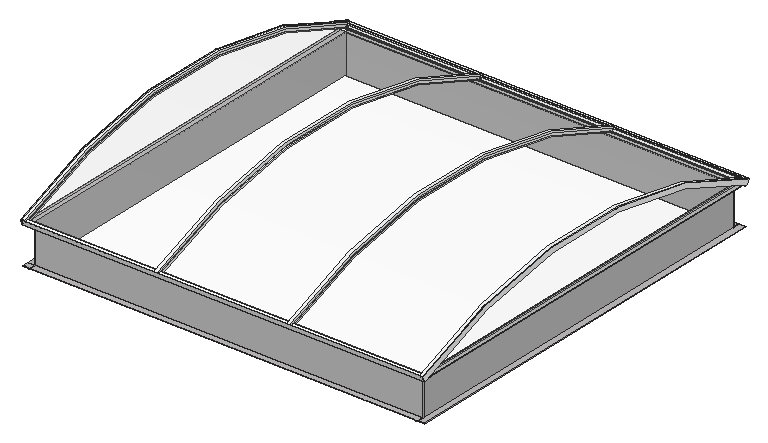
Revit family "Aluco Skylight Therm (en)", category Generic Models, Revit 2020
Family settings
  Can host rebar = No
  Round Connector Dimension = Use Diameter
  Part Type = Normal
  OmniClass Number = 23.30.30.00
  OmniClass Title = Skylights
  Work Plane-Based = Yes
  Always vertical = No
  Cut with Voids When Loaded = No
  Shared = No
  Room Calculation Point = No
Parameters
  ►Visibility of the right end [instance] = if(Longitudinal roof slope > 0.00°, 1 > 2, 1 < 2)  # yes
  ►Auxiliary height - thickness [instance] = if([Filling thickness (variant)] < 3, 24.2 mm, if([Filling thickness (variant)] < 5, 29 mm, if([Filling thickness (variant)] < 7, 33 mm, if([Filling thickness (variant)] < 9, 38 mm, if([Filling thickness (variant)] < 11, 33 mm, if([Filling thickness (variant)] < 13, 39 mm, 45 mm))))))  # 33 mm
  ►Auxiliary height [instance] = Bending radius - 0.5 * sqrt((4 * ((Bending radius) ^ 2)) - ((Skylight span) ^ 2))  # 361.927 mm
  ►Auxiliary dimension [instance] = if(Longitudinal roof slope > 0.00°, 400 mm, if(Transversal roof slope > 0.00°, 0 mm, 180 mm))  # 180 mm
  ►Auxiliary Offset 3 [instance] = if(Longitudinal roof slope > 0.00°, Opening length, Opening length + 1000 mm)  # 4000 mm
  ►Auxiliary Offset 2 [instance] = ►Auxiliary Offset 1 + [Opening narrowing (Length)]  # 3000 mm
  ►Auxiliary Offset 1 [instance] = if(Longitudinal roof slope > 0.00°, 6000 mm, Opening length)  # 3000 mm
  ► Roof slope - calculations [instance] = if(Longitudinal roof slope = 0.00°, 0.00°, if(Longitudinal roof slope - Opposite roof slope < 0.00°, Longitudinal roof slope + (((Longitudinal roof slope - Opposite roof slope) * (-1)) / 2), if(Longitudinal roof slope - Opposite roof slope = 0.00°, Longitudinal roof slope, Longitudinal roof slope - ((Longitudinal roof slope - Opposite roof slope) / 2))))  # 0.00°
  ► Right end - visibility [instance] = if(and(Longitudinal roof slope = 0.00°, Right ending), 1 < 2, 1 > 2)  # yes
  Transversal roof slope [instance] = 0.00°
  Right opening narrowing (length) [instance] = if(Longitudinal roof slope > 0.00°, 100 mm, [Opening narrowing (Length)])  # 0 mm
  Skylight span [instance] = if(Opening span - 2 * [Opening narrowing (span)] + 2 * Space for thermal insulation < 1500 mm, 1500 mm, if(Opening span - 2 * [Opening narrowing (span)] + 2 * Space for thermal insulation > 6200 mm, 6200 mm, Opening span - 2 * [Opening narrowing (span)] + 2 * Space for thermal insulation))  # 3100 mm
  Profile material = Aluco - aluminum
  Product URL = "https://aluco.com.pl/oferta/swietliki-dachowe/swietliki-lukowe-aluco-skylight-sl/"
  Panel thickness [instance] = if([Filling thickness (variant)] < 3, 10 mm, if([Filling thickness (variant)] < 5, 16 mm, if([Filling thickness (variant)] < 7, 20 mm, if([Filling thickness (variant)] < 9, 25 mm, if([Filling thickness (variant)] < 11, 20 mm, if([Filling thickness (variant)] < 13, 26 mm, 32 mm))))))  # 20 mm
  Panel material = Aluco - polycarbonate
  Opening length [instance] = 3000 mm
  Opening narrowing (span) [instance] = 0 mm
  Opening narrowing (Length) [instance] = 0 mm
  Right ending [instance] = yes
  Left ending [instance] = yes
  URL = "https://aluco.com.pl/"
  Space for thermal insulation [instance] = if([Space for thermal insulation (variant)] < 2, 50 mm, if([Space for thermal insulation (variant)] < 3, 80 mm, if([Space for thermal insulation (variant)] < 4, 100 mm, if([Space for thermal insulation (variant)] < 5, 150 mm, 200 mm))))  # 50 mm
  Skylight length [instance] = Opening length - 2 * [Opening narrowing (Length)] + 2 * Space for thermal insulation  # 3100 mm
  Split spacing [instance] = (Skylight length - 28 mm) / (Number of skylight divisions + 1)  # 1024 mm
  Span [instance] = "od 1500 mm do 6200 mm"  # constant formula
  Space for thermal insulation (variant) [instance] = 0
  Heat transfer coefficient [instance] = "For verification after contact with the Manufacturer"  # constant formula
  Bending radius' [instance] = Bending radius - 5 mm  # 3495 mm
  Bending radius" [instance] = Bending radius + Panel thickness + 15 mm  # 3535 mm
  Opening span [instance] = 3000 mm
  Fall protection safety grids [instance] = yes
  Bending radius [instance] = 175 * Panel thickness  # 3500 mm
  Manufacturer = "ALUCO SYSTEM SP. Z O.O"  # constant formula
  Description = "Continuous skylights made in accordance with the requirements of PN-EN14963: 2006, with CE marking"  # constant formula
  Breaking load resistance = "UL 2500"  # constant formula
  Compressive load resistance = "DL 2500"  # constant formula
  Type Image = ALUCO SKYLIGHT SL.png
  Opposite roof slope [instance] = 0.00°
  Longitudinal roof slope [instance] = 0.00°
  Model = "Skylight Therm"  # constant formula
  Type Comments = "Barrel vault continuous skylights"
  Safety classification against drop from height = "SB 1200"  # constant formula
  Fire protection class = "BRoof (t1)"  # constant formula
  Catalog card [instance] = "https://aluco.com.pl/download/AlucoSkylight.pdf"
  Number of arch profiles [instance] = if(0 = 0, Number of skylight divisions + 2, Number of skylight divisions + 2)  # 4
  Number of skylight divisions [instance] = roundup((Skylight length - 28 mm) / 1050 mm) - 1  # 2
  IfcExportAs = "\"IfcWindowType\""
  Filling thickness (variant) [instance] = 6
  Base panel thickness (variant) [instance] = 1
  Default Elevation = 0 mm  # constant formula
  Base panel thickness [instance] = if([Base panel thickness (variant)] < 2, 1.5 mm, 2 mm)  # 1.5 mm
  Base material = Aluco - galvanized steel
  Base height [instance] = 300 mm
Reference planes
  plane 1 "Środek (Przód/Tył)": y = 0
  plane 2: z = 0
  plane 3 "Środek (Lewa/Prawa)": x = 0
  plane 4: x = 3000
  plane 5: y = -1500
  plane 6: y = 1500
  plane 7: x = -50
  plane 8: y = -1550
  plane 9: y = 1550
  plane 10: x = 3050
  plane 11: x = 1500
  plane 12: z = 300
  plane 13: z = -800.014
  plane 14: y = -1500
  plane 15: y = 1500
  plane 16: x = 3000
  plane 17: z = 0
  plane 18: z = 298.5
  plane 19: z = 1.5
  plane 20: x = 0
  plane 21: z = 661.927
  plane 22: z = 300
  plane 23: z = 694.927
  plane 24 "Odsunięcie 2": x = 3000
  plane 25 "Odsunięcie 1": x = 3000
  plane 26: x = 3660
  plane 27: x = 4000
  plane 28 "Odsunięcie 4": x = 3000
  plane 29 "Odsunięcie 5": x = 3050
Forms (mm)
  Extrusion 1, solid, material "Aluco - polycarbonate" <- "Panel material", visible <- "Left ending", detail levels medium+fine
    sketch origin (-50, 2000, 1200) x (0, 1, 0) y (0, 0, 1)
      loop
        line (-3550, -900) -> (-450, -900)
        arc (-450, -900) -> (-2000, -538.073) -> (-3550, -900) r 3500
    from 0 to 20
  Sweep 2, solid, material "Aluco - aluminum" <- "Profile material", detail levels fine
    path in 3D
      loop
        line (-50, 1558.857, 317.932) -> (3050, 1558.857, 317.932)
    profile "Straight profile : Straight profile" origin (1500, 1558.857, 317.932) x (0, -0.442857, -0.896592) y (0, 0.896592, -0.442857)
      loop
        line (26.358, 0) -> (33.614, 0) -> (33.614, 4.683) -> (-16.625, 4.683) -> (-16.625, 3.483) -> (-6, 3.483) -> (-6, -20) -> (0, -20) -> (0, 0) -> (20, 0) -> (20, -31.791) -> (26.358, -31.791) -> (26.358, 0)
  Sweep 3, solid, material "Aluco - polycarbonate" <- "Panel material", detail levels medium+fine
    path in 3D
      loop
        arc (3050, -1550, 300) -> (3050, 0, 661.927) -> (3050, 1550, 300) r 3500
    profile origin (3050, 0, 661.927) x (0, 0, 1) y (1, 0, 0)
      loop
        line (0, 0) -> (0, -3100) -> (20, -3100) -> (20, 0) -> (0, 0)
  Sweep 4, solid, material "Aluco - aluminum" <- "Profile material", detail levels fine
    path in 3D
      loop
        line (3050, -1558.857, 317.932) -> (-50, -1558.857, 317.932)
    profile "Straight profile : Straight profile" origin (1500, -1558.857, 317.932) x (0, 0.442857, -0.896592) y (0, -0.896592, -0.442857)
      loop
        line (26.358, 0) -> (33.614, 0) -> (33.614, 4.683) -> (-16.625, 4.683) -> (-16.625, 3.483) -> (-6, 3.483) -> (-6, -20) -> (0, -20) -> (0, 0) -> (20, 0) -> (20, -31.791) -> (26.358, -31.791) -> (26.358, 0)
  Sweep 5, solid, material "Aluco - galvanized steel" <- "Base material", detail levels medium+fine
    path in 3D
      loop
        line (3000, 1550, 0) -> (-50, 1550, 0)
    profile "Base : Front/Back" origin (1475, 1550, 0) x (0, -1, 0) y (0, 0, 1)
      loop
        line (51.5, 0) -> (51.5, 300) -> (0, 300) -> (0, 298.5) -> (50, 298.5) -> (50, 1.5) -> (0, 1.5) -> (0, 0) -> (12, 0) -> (51.5, 0)
  Sweep 6, solid, material "Aluco - galvanized steel" <- "Base material", detail levels medium+fine
    path in 3D
      loop
        line (-50, -1550, 0) -> (3000, -1550, 0)
    profile "Base : Front/Back" origin (1475, -1550, 0) x (0, 1, 0) y (0, 0, 1)
      loop
        line (51.5, 0) -> (51.5, 300) -> (0, 300) -> (0, 298.5) -> (50, 298.5) -> (50, 1.5) -> (0, 1.5) -> (0, 0) -> (12, 0) -> (51.5, 0)
  Sweep 7, solid, material "Aluco - galvanized steel" <- "Base material", detail levels medium+fine
    path in 3D
      loop
        line (-50, 1550, 0) -> (-50, 1500, 0) -> (-50, 0, 0) -> (-50, -1500, 0) -> (-50, -1550, 0)
    profile "Base : Right/Left" origin (-50, 1525, 0) x (1, 0, 0) y (0, 0, 1)
      loop
        line (51.5, 0) -> (51.5, 300) -> (0, 300) -> (0, 298.5) -> (50, 298.5) -> (50, 1.5) -> (0, 1.5) -> (0, 0) -> (12, 0) -> (51.5, 0)
  Sweep 8, solid, material "Aluco - galvanized steel" <- "Base material", visible <- "►Visibility of the right end", detail levels medium+fine
    path in 3D
      loop
        line (3050, 1550, 0) -> (3050, 1500, 0) -> (3050, 0, 0) -> (3050, -1500, 0) -> (3050, -1550, 0)
    profile "Base : Right/Left" origin (3050, -1525, 0) x (1, 0, 0) y (0, 0, 1)
      loop
        line (-51.5, 0) -> (-12, 0) -> (0, 0) -> (0, 1.5) -> (-50, 1.5) -> (-50, 298.5) -> (0, 298.5) -> (0, 300) -> (-51.5, 300) -> (-51.5, 0)
  Extrusion 9, solid, material "Aluco - fall protection safety grids", visible <- "Fall protection safety grids", detail levels medium+fine
    sketch origin (7303.2, -1436.636, 300) x (0, -1, 0) y (1, 0, 0)
      loop
        line (-2936.636, -7303.2) -> (63.364, -7303.2) -> (63.364, -4303.2) -> (-2936.636, -4303.2) -> (-2936.636, -7303.2)
    from 0 to -5
  Extrusion 10, void
    sketch origin (0, 0, 0) x (1, 0, 0) y (0, 0, 1)
      loop
        line (3000, 298.5) -> (3000, 1.5) -> (3000, -98.5) -> (3660, -98.5) -> (3660, 300) -> (3000, 300) -> (3000, 298.5)
    from -7763.73 to 8722.83
  Extrusion 11, void
    sketch origin (3000, 0, 0) x (-1, 0, 0) y (0, 0, -1)
      loop
        line (3000, -298.5) -> (3000, -300) -> (3823.374, -300) -> (3823.374, -1.5) -> (3000, -1.5) -> (3000, -298.5)
    from -6758.137 to 7862.369
  Extrusion 12, solid, material "Aluco - polycarbonate" <- "Panel material", visible <- "► Right end - visibility", detail levels medium+fine
    sketch origin (3050, 2000, 1200) x (0, 1, 0) y (0, 0, 1)
      loop
        line (-3550, -900) -> (-450, -900)
        arc (-450, -900) -> (-2000, -538.073) -> (-3550, -900) r 3500
    from -25 to 0
  Extrusion 13, void
    sketch origin (3050, 2000, 1200) x (0, 1, 0) y (0, 0, 1)
      loop
        line (-3500, -901.5) -> (-3500, -900) -> (-7785.043, -900) -> (-7785.043, -1198.5) -> (-3500, -1198.5) -> (-3500, -901.5)
    from -7978.09 to 4431.719
  Extrusion 14, void
    sketch origin (3050, 2000, 1200) x (0, 1, 0) y (0, 0, 1)
      loop
        line (-500, -900) -> (-500, -901.5) -> (-500, -1198.5) -> (2200, -1198.5) -> (2200, -900) -> (-500, -900)
    from -11160.481 to 8052.434
  Sweep 15, void
    path in 3D
      loop
        line (3050, 1550, 0) -> (3050, 1500, 0) -> (3050, 0, 0) -> (3050, -1500, 0) -> (3050, -1550, 0)
    profile origin (3050, -1525, 0) x (1, 0, 0) y (0, 0, 1)
      loop
        line (130, 300) -> (130, 0) -> (2288.5, 0) -> (2288.5, 300) -> (130, 300)
  Sweep 16, void
    path in 3D
      loop
        line (-50, 1550, 0) -> (-50, 1500, 0) -> (-50, 0, 0) -> (-50, -1500, 0) -> (-50, -1550, 0)
    profile origin (-50, 1525, 0) x (1, 0, 0) y (0, 0, 1)
      loop
        line (-1237.782, 300) -> (-1237.782, 0) -> (-130, 0) -> (-130, 300) -> (-1237.782, 300)
  Extrusion 17, solid, material "Aluco - aluminum" <- "Profile material", visible <- "Right ending", detail levels fine
    sketch origin (3050, 0, -2838.073) x (0, 0.896592, 0.442857) y (0, -0.442857, 0.896592)
      loop
        line (-4.683, 3532.997) -> (-4.683, 3494.997)
        arc (-4.683, 3494.997) -> (1547.786, 3133.59) -> (2778.309, 2120.384) r 3495
        line (2778.309, 2120.384) -> (2808.485, 2143.478)
        arc (2808.485, 2143.478) -> (1564.614, 3167.66) -> (-4.683, 3532.997) r 3533
    from 0 to 5
  Extrusion 18, solid, material "Aluco - aluminum" <- "Profile material", detail levels fine
    sketch origin (-50, 0, -2838.073) x (0, -0.442857, 0.896592) y (0, 0.896592, 0.442857)
      loop
        arc (3532.997, -4.683) -> (3167.66, 1564.614) -> (2143.478, 2808.485) r 3533
        line (2143.478, 2808.485) -> (2120.384, 2778.309)
        arc (2120.384, 2778.309) -> (3133.59, 1547.786) -> (3494.997, -4.683) r 3495
        line (3494.997, -4.683) -> (3532.997, -4.683)
    from 0 to 5
  Extrusion 19, void
    sketch origin (0, 0, 0) x (1, 0, 0) y (0, 0, 1)
      loop
        line (3660, 694.927) -> (3660, 0) -> (4000, 0) -> (4000, 694.927) -> (3660, 694.927)
    from -7702.997 to 8662.235
  Extrusion 20, solid, detail levels coarse
    sketch origin (5150, 0, -1762.189) x (0, 0.807925, 0.589286) y (0, -0.589286, 0.807925)
      loop
        line (-15.4, 2609.189) -> (-213.85, 2337.109) -> (2290.716, 510.323) -> (2489.167, 782.403)
        arc (2489.167, 782.403) -> (1447.944, 1985.165) -> (-15.4, 2609.189) r 3533
    from -2100 to -5200
Cuts and joins
  Extrusion 11, Sweep 16, Extrusion 19 cuts Extrusion 1
  Extrusion 11, Extrusion 13, Extrusion 14 cuts Sweep 8
  Extrusion 10, Extrusion 11, Extrusion 19 cuts Sweep 6
  Extrusion 10, Extrusion 11, Extrusion 19 cuts Sweep 5
  Extrusion 19 cuts Sweep 2
  Extrusion 19 cuts Sweep 4
  Extrusion 11, Sweep 15, Extrusion 19 cuts Extrusion 9
  Extrusion 13, Extrusion 14, Extrusion 19 cuts Sweep 7
  Sweep 15 cuts Extrusion 12
  Extrusion 19 cuts Sweep 3
  Extrusion 19 cuts Extrusion 18
Lines and regions (mm)
  reference lines
    curve 1: line (-50, 1550, 0) -> (-50, -1550, 0)
    curve 2: line (-50, -1550, 0) -> (3000, -1550, 0)
    curve 3: line (3050, -1550, 0) -> (3050, 1550, 0)
    curve 4: line (3000, 1550, 0) -> (-50, 1550, 0)
    curve 5: line (0, 1500, 0) -> (3000, 1500, 0)
    curve 6: line (3000, 1500, 0) -> (3000, -1500, 0)
    curve 7: line (3000, -1500, 0) -> (0, -1500, 0)
    curve 8: line (0, -1500, 0) -> (0, 1500, 0)
    curve 9: arc (0, -1550, 300) -> (0, 0, 661.927) -> (0, 1550, 300) r 3500
    curve 10: line (-30, 50, 0) -> (-30, -50, 0)
    curve 11: line (3030, 50, 0) -> (3030, -50, 0)
    curve 12: line (0, 0, 298.5) -> (3000, 0, 298.5)
    curve 13: line (3050, -1500, 0) -> (3050, 0, 0)
    curve 14: line (3050, 1500, 0) -> (3050, 0, 0)
    curve 15: line (3050, 1550, 0) -> (3050, 1500, 0)
    curve 16: line (3050, -1500, 0) -> (3050, -1550, 0)
    curve 19: line (-50, 1550, 0) -> (-50, 1500, 0)
    curve 20: line (-50, -1400, 0) -> (-50, 0, 0)
    curve 21: line (-50, 0, 0) -> (-50, 1500, 0)
    curve 35: line (3050, 1550, 0) -> (3050, 1500, 0)
    curve 36: line (-50, -1500, 0) -> (-50, -1550, 0)
  sketch lines
    curve 17: line (3000, 1550, 0) -> (-50, 1550, 0)
    curve 18: line (-50, -1550, 0) -> (3000, -1550, 0)
    curve 22: line (-50, 1550, 0) -> (-50, 1500, 0)
    curve 23: line (-50, 0, 0) -> (-50, 1500, 0)
    curve 24: line (3050, -1500, 0) -> (3050, -1550, 0)
    curve 25: line (3050, -1500, 0) -> (3050, 0, 0)
    curve 26: line (3050, 1500, 0) -> (3050, 0, 0)
    curve 27: line (3050, 1550, 0) -> (3050, 1500, 0)
    curve 28: arc (3050, -1550, 300) -> (3050, 0, 661.927) -> (3050, 1550, 300) r 3500
    curve 29: line (3050, -1558.857, 317.932) -> (-50, -1558.857, 317.932)
    curve 30: line (-50, 1558.857, 317.932) -> (3050, 1558.857, 317.932)
    curve 31: line (3050, -1500, 0) -> (3050, -1550, 0)
    curve 32: line (3050, -1500, 0) -> (3050, 0, 0)
    curve 33: line (3050, 1500, 0) -> (3050, 0, 0)
    curve 34: line (3050, 1550, 0) -> (3050, 1500, 0)
    curve 37: line (-50, -1500, 0) -> (-50, 0, 0)
    curve 38: line (-50, -1500, 0) -> (-50, -1550, 0)
    curve 39: line (-50, 1550, 0) -> (-50, 1500, 0)
    curve 40: line (-50, 0, 0) -> (-50, 1500, 0)
    curve 41: line (-50, -1500, 0) -> (-50, 0, 0)
    curve 42: line (-50, -1500, 0) -> (-50, -1550, 0)
Dimensions and locks
  "Opening length": plane 3 "Środek (Lewa/Prawa)" to plane 4
  equal spacing: plane 3 "Środek (Lewa/Prawa)", plane 11, plane 4
  equal spacing: plane 7, plane 11, plane 10
  "Skylight length": plane 7 to plane 10
  equal spacing: plane 5, plane 1 "Środek (Przód/Tył)", plane 6
  equal spacing: plane 9, plane 1 "Środek (Przód/Tył)", plane 8
  "Opening span": plane 5 to plane 6
  "Skylight span": plane 9 to plane 8
  "Space for thermal insulation": plane 6 to curve 4
  "Space for thermal insulation": curve 1 to plane 3 "Środek (Lewa/Prawa)"
  "Space for thermal insulation": plane 4 to curve 3
  "Space for thermal insulation": plane 5 to curve 2
  "Space for thermal insulation": plane 7 to curve 8
  "Space for thermal insulation": curve 6 to plane 10
  "Space for thermal insulation": curve 7 to plane 8
  "Space for thermal insulation": curve 5 to plane 9
  "Base height": plane 12 to level
  "Panel thickness": plane 7 to curve 10
  "Panel thickness": curve 11 to plane 10
  "Base panel thickness": plane 12 to curve 12
  "Panel thickness": Sweep 3 sketch curve to Sweep 3 sketch curve
  equal spacing: group 2, group 4, group 3, group 1
  equal spacing: group 1, group 3, group 4, group 2  (x2)
  plane 2 to plane 13 = 800.014 mm
  "Space for thermal insulation": plane 14 to plane 8
  "Space for thermal insulation": plane 9 to plane 15
  "Right opening narrowing (length)": plane 4 to plane 16
  "Base panel thickness": plane 12 to plane 18
  "Base panel thickness": plane 19 to plane 17
  "Opening narrowing (Length)": plane 3 "Środek (Lewa/Prawa)" to plane 20
  Extrusion 13 to plane 19 = 298.5 mm
  "Base height": Sweep 15 sketch curve to plane 17
  locked: Sweep 15 sketch curve to plane 16 at 2338.5
  "►Auxiliary dimension": Sweep 15 sketch curve to plane 16
  locked: Sweep 16 sketch curve to plane 20 at 1287.782
  "►Auxiliary dimension": Sweep 16 sketch curve to plane 20
  locked: plane 22 to plane 18 at 1.5
  "►Auxiliary height": plane 21 to plane 22
  "►Auxiliary height - thickness": plane 23 to plane 21
  "Opening narrowing (Length)": plane 24 "Odsunięcie 2" to plane 25 "Odsunięcie 1"
  locked: plane 26 to plane 24 "Odsunięcie 2" at 660
  "►Auxiliary Offset 1": plane 25 "Odsunięcie 1" to plane 3 "Środek (Lewa/Prawa)"
  "►Auxiliary Offset 2": plane 24 "Odsunięcie 2" to plane 3 "Środek (Lewa/Prawa)"
  "►Auxiliary Offset 3": plane 3 "Środek (Lewa/Prawa)" to plane 27
  "Opening narrowing (Length)": plane 25 "Odsunięcie 1" to plane 28 "Odsunięcie 4"
  locked: plane 29 "Odsunięcie 5" to plane 28 "Odsunięcie 4" at 50
  "Bending radius": radius of curve 9
  "Transversal roof slope": angle curve 8 to curve 13
  "Transversal roof slope": angle curve 14 to curve 8
  "Transversal roof slope": angle level to curve 20
  "Transversal roof slope": angle curve 21 to level
  "► Roof slope - calculations": angle Extrusion 19 sketch curve to plane 27
  aligned and locked: level to plane 2
  aligned and locked: plane 8 to curve 9
  aligned and locked: plane 12 to curve 9
  aligned and locked: plane 9 to curve 9
  aligned and locked: Extrusion 1 sketch curve to curve 9
  aligned and locked: Extrusion 1 sketch curve to plane 12
  aligned and locked: Extrusion 1 to curve 10
  aligned and locked: Sweep 3 sketch curve to cut or joined group of Extrusion 1, Extrusion 11, Sweep 16, Extrusion 19
  aligned and locked: nested 1 to plane 10
  aligned and locked: nested 2 to plane 7
  aligned and locked: nested 1 to plane 12
  aligned and locked: nested 2 to plane 12
  aligned and locked: curve 2 to curve 16
  aligned and locked: plane 14 to curve 16
  aligned and locked: curve 16 to curve 3
  aligned and locked: plane 15 to curve 15
  aligned and locked: curve 15 to curve 3
  aligned and locked: plane 14 to curve 13
  aligned and locked: curve 19 to curve 5
  aligned and locked: plane 15 to curve 21
  aligned and locked: curve 1 to curve 21
  aligned and locked: plane 1 "Środek (Przód/Tył)" to curve 20
  aligned and locked: plane 1 "Środek (Przód/Tył)" to curve 14
  aligned and locked: plane 15 to curve 14
  aligned and locked: level to curve 13
  aligned and locked: plane 14 to Extrusion 9 sketch curve
  aligned and locked: Extrusion 9 sketch curve to plane 15
  aligned and locked: Extrusion 9 sketch curve to curve 6
  aligned and locked: Extrusion 9 sketch curve to curve 8
  aligned and locked: Extrusion 10 sketch curve to plane 12
  aligned and locked: plane 19 to Extrusion 11 sketch curve
  aligned and locked: plane 12 to Extrusion 11 sketch curve
  aligned and locked: plane 20 to Extrusion 11 sketch curve
  aligned and locked: plane 3 "Środek (Lewa/Prawa)" to Extrusion 11 sketch curve
  aligned and locked: Extrusion 12 to plane 12
  aligned and locked: plane 12 to Extrusion 13 sketch curve
  aligned and locked: plane 19 to Extrusion 13 sketch curve
  aligned and locked: plane 5 to Extrusion 13 sketch curve
  aligned and locked: plane 14 to Extrusion 13 sketch curve
  aligned and locked: Extrusion 13 sketch curve to plane 19
  aligned and locked: plane 15 to Extrusion 14 sketch curve
  aligned and locked: Extrusion 14 sketch curve to plane 19
  aligned and locked: plane 6 to Extrusion 14 sketch curve
  aligned and locked: Extrusion 14 sketch curve to plane 15
  aligned and locked: plane 18 to Extrusion 14 sketch curve
  aligned and locked: plane 12 to Extrusion 14 sketch curve
  aligned and locked: Extrusion 12 sketch curve to curve 9
  aligned and locked: Sweep 15 sketch curve to plane 17
  aligned and locked: curve 1 to curve 36
  aligned and locked: plane 3 "Środek (Lewa/Prawa)" to curve 9
  aligned and locked: Sweep 16 sketch curve to plane 12
  aligned and locked: Sweep 16 sketch curve to plane 2
  aligned and locked: plane 26 to Extrusion 10 sketch curve
  aligned and locked: Extrusion 19 sketch curve to plane 26
  aligned and locked: plane 27 to Extrusion 19 sketch curve
  aligned and locked: Extrusion 10 sketch curve to plane 25 "Odsunięcie 1"
  aligned and locked: plane 29 "Odsunięcie 5" to Sweep 3 sketch curve
  aligned and locked: plane 25 "Odsunięcie 1" to curve 2
  aligned and locked: plane 25 "Odsunięcie 1" to curve 4
  aligned and locked: plane 28 "Odsunięcie 4" to Extrusion 10 sketch curve
  aligned and locked: plane 18 to Extrusion 10 sketch curve
  aligned and locked: plane 8 to Extrusion 20 sketch curve
  aligned and locked: plane 9 to Extrusion 20 sketch curve
  aligned and locked: Extrusion 20 sketch curve to Extrusion 17
  aligned and locked: Extrusion 20 to plane 7
  aligned and locked: plane 10 to Extrusion 20
Automatic sketch dimensions
  Extrusion 13 sketch curve to plane 18 = 0 mm
  Extrusion 13 sketch curve to plane 5 = 4285.043 mm
  Extrusion 14 sketch curve to plane 6 = 2700 mm
  Extrusion 11 sketch curve to plane 18 = 0 mm
  plane 3 "Środek (Lewa/Prawa)" to Extrusion 11 sketch curve = 823.374 mm
  Extrusion 12 sketch curve to plane 8 = 0 mm
  Extrusion 17 sketch curve to nested 1 = 4.683 mm  (x3)
  Extrusion 18 sketch curve to nested 2 = 4.683 mm  (x3)
  Extrusion 10 sketch curve to plane 19 = 0 mm
  Extrusion 10 sketch curve to level = 98.5 mm
  level to Extrusion 20 sketch curve = 0 mm
  curve 36 to plane 5 = 0 mm
  plane 6 to curve 35 = 0 mm
  curve 35 to plane 9 = 0 mm
  plane 1 "Środek (Przód/Tył)" to curve 11 = 50 mm
  plane 1 "Środek (Przód/Tył)" to curve 10 = 50 mm
  curve 10 to plane 1 "Środek (Przód/Tył)" = 50 mm
  curve 11 to plane 1 "Środek (Przód/Tył)" = 50 mm
  curve 12 to plane 3 "Środek (Lewa/Prawa)" = 0 mm
  curve 12 to plane 4 = 0 mm
  curve 9 to plane 1 "Środek (Przód/Tył)" = 0 mm
  Sweep 3 sketch curve to profile plane = 0 mm
  Extrusion 19 sketch curve to plane 23 = 0 mm
  Extrusion 19 sketch curve to level = 0 mm
  radius of Extrusion 17 sketch curve to nested 1 = 0 mm
  radius of Extrusion 17 sketch curve to nested 1 = 25 mm
  radius of Extrusion 18 sketch curve to nested 2 = 0 mm
  radius of Extrusion 18 sketch curve to nested 2 = 25 mm
Nested families
  nested 1: "Arch profile" at (3036, 0, 300), Rozpiętość otworu <- "Opening span", Zwężenie otworu (rozpiętość) <- "Opening narrowing (span)", Materiał <- "Profile material", Przestrzeń na izolację termiczną <- "Space for thermal insulation", Grubość wypełnienia (wariant) <- "Filling thickness (variant)", type "Arch profile", detail levels fine
    with Zwężenie otworu (rozpiętość) 0 mm, Rozpiętość świetlika 3100 mm, Rozpiętość otworu 3000 mm, Przestrzeń na izolację termiczną 50 mm, Promień gięcia 3500 mm, Materiał Aluco - aluminum, Grubość wypełnienia (wariant) 6, Grubość płyty 20 mm, Grubość profilu 27 mm
  nested 2: "Arch profile" at (-36, 0, 300), Rozpiętość otworu <- "Opening span", Zwężenie otworu (rozpiętość) <- "Opening narrowing (span)", Materiał <- "Profile material", Przestrzeń na izolację termiczną <- "Space for thermal insulation", Grubość wypełnienia (wariant) <- "Filling thickness (variant)", type "Arch profile", detail levels fine
    with Zwężenie otworu (rozpiętość) 0 mm, Rozpiętość świetlika 3100 mm, Rozpiętość otworu 3000 mm, Przestrzeń na izolację termiczną 50 mm, Promień gięcia 3500 mm, Materiał Aluco - aluminum, Grubość wypełnienia (wariant) 6, Grubość płyty 20 mm, Grubość profilu 27 mm
  nested 3: "Arch profile" at (2012, 0, 300), Rozpiętość otworu <- "Opening span", Zwężenie otworu (rozpiętość) <- "Opening narrowing (span)", Materiał <- "Profile material", Przestrzeń na izolację termiczną <- "Space for thermal insulation", Grubość wypełnienia (wariant) <- "Filling thickness (variant)", type "Arch profile", detail levels fine
    with Zwężenie otworu (rozpiętość) 0 mm, Rozpiętość świetlika 3100 mm, Rozpiętość otworu 3000 mm, Przestrzeń na izolację termiczną 50 mm, Promień gięcia 3500 mm, Materiał Aluco - aluminum, Grubość wypełnienia (wariant) 6, Grubość płyty 20 mm, Grubość profilu 27 mm
  nested 4: "Arch profile" at (988, 0, 300), Rozpiętość otworu <- "Opening span", Zwężenie otworu (rozpiętość) <- "Opening narrowing (span)", Materiał <- "Profile material", Przestrzeń na izolację termiczną <- "Space for thermal insulation", Grubość wypełnienia (wariant) <- "Filling thickness (variant)", type "Arch profile", detail levels fine
    with Zwężenie otworu (rozpiętość) 0 mm, Rozpiętość świetlika 3100 mm, Rozpiętość otworu 3000 mm, Przestrzeń na izolację termiczną 50 mm, Promień gięcia 3500 mm, Materiał Aluco - aluminum, Grubość wypełnienia (wariant) 6, Grubość płyty 20 mm, Grubość profilu 27 mm
Definition of nested family "Arch profile"
  Parameters (values of type "Profil łukowy")
    Zwężenie otworu (rozpiętość) [instance] = 200 mm
    Define Thermal Properties by = 1
    Rozpiętość świetlika [instance] = if(Rozpiętość otworu - 2 * [Zwężenie otworu (rozpiętość)] + 2 * Przestrzeń na izolację termiczną < 1500 mm, 1500 mm, if(Rozpiętość otworu - 2 * [Zwężenie otworu (rozpiętość)] + 2 * Przestrzeń na izolację termiczną > 6200 mm, 6200 mm, Rozpiętość otworu - 2 * [Zwężenie otworu (rozpiętość)] + 2 * Przestrzeń na izolację termiczną))  # 1500 mm
    Rozpiętość otworu [instance] = 1000 mm
    Przestrzeń na izolację termiczną [instance] = 150 mm
    Promień gięcia [instance] = 175 * Grubość płyty  # 1750 mm
    Materiał [instance] = none
    Analytic Construction = "<Brak>"
    Grubość wypełnienia (wariant) [instance] = 1
    Grubość płyty [instance] = if([Grubość wypełnienia (wariant)] < 3, 10 mm, if([Grubość wypełnienia (wariant)] < 5, 16 mm, if([Grubość wypełnienia (wariant)] < 7, 20 mm, if([Grubość wypełnienia (wariant)] < 9, 25 mm, if([Grubość wypełnienia (wariant)] < 11, 20 mm, if([Grubość wypełnienia (wariant)] < 13, 26 mm, 32 mm))))))  # 10 mm
    Grubość profilu [instance] = Grubość płyty + 7 mm  # 17 mm
    Default Elevation = 0 mm
  Reference planes
    plane 1 "Środek (Przód/Tył)": y = 0
    plane 2: z = 0
    plane 3 "Środek (Lewa/Prawa)": x = 0
    plane 4: y = -500
    plane 5: y = 500
    plane 6: y = -750
    plane 7: y = 750
    plane 8: z = 0
  Forms (mm)
    Extrusion 1, solid, not visible
      sketch origin (0, 0, 0) x (0, 1, 0) y (0, 0, 1)
        loop
          line (-750, 0) -> (750, 0)
          arc (750, 0) -> (0, 168.861) -> (-750, 0) r 1750
      from 14 to -14
    Sweep 2, solid, material <- "Materiał"
      path in 3D
        loop
          arc (0, -750, 0) -> (0, 0, 168.861) -> (0, 750, 0) r 1750
      profile origin (0, 0, 168.861) x (0, 0, 1) y (1, 0, 0)
        loop
          line (0, -14) -> (0, -2.5) -> (10, -2.5) -> (10, -14) -> (23, -14) -> (23, 14) -> (10, 14) -> (10, 2.5) -> (0, 2.5) -> (0, 14) -> (-5, 14) -> (-5, -14) -> (0, -14)
  Lines and regions (mm)
    reference lines
      curve 1: line (-150, -650, 0) -> (6150, -650, 0)
      curve 2: line (6150, 650, 0) -> (-150, 650, 0)
      curve 3: line (500, 600, 0) -> (5500, 600, 0)
      curve 4: line (5500, -600, 0) -> (500, -600, 0)
      curve 5: arc (0, -750, 0) -> (0, 0, 168.861) -> (0, 750, 0) r 1750
    sketch lines
      curve 6: arc (0, -750, 0) -> (0, 0, 168.861) -> (0, 750, 0) r 1750
  Dimensions and locks
    equal spacing: plane 4, plane 1 "Środek (Przód/Tył)", plane 5
    equal spacing: plane 7, plane 1 "Środek (Przód/Tył)", plane 6
    "Rozpiętość otworu": plane 4 to plane 5
    "Rozpiętość świetlika": plane 7 to plane 6
    "Przestrzeń na izolację termiczną": plane 5 to curve 2
    "Przestrzeń na izolację termiczną": plane 4 to curve 1
    "Przestrzeń na izolację termiczną": curve 4 to plane 6
    "Przestrzeń na izolację termiczną": curve 3 to plane 7
    "Grubość płyty": Sweep 2 sketch curve to profile plane
    "Promień gięcia": radius of curve 5
    aligned and locked: level to plane 2
    aligned and locked: plane 6 to curve 5
    aligned and locked: plane 8 to curve 5  (x2)
    aligned and locked: plane 7 to curve 5
    aligned and locked: Extrusion 1 sketch curve to curve 5
    aligned and locked: Extrusion 1 sketch curve to plane 8
  Automatic sketch dimensions
    curve 2 to plane 3 "Środek (Lewa/Prawa)" = 150 mm
    curve 1 to plane 3 "Środek (Lewa/Prawa)" = 150 mm
    plane 3 "Środek (Lewa/Prawa)" to curve 3 = 500 mm
    plane 3 "Środek (Lewa/Prawa)" to curve 4 = 500 mm
    curve 3 to curve 3 = 5000 mm
    curve 4 to curve 3 = 0 mm
    curve 3 to curve 2 = 650 mm
    curve 4 to curve 1 = 650 mm
    Sweep 2 sketch curve to profile plane = 0 mm  (x2)
    profile plane to Sweep 2 sketch curve = 5 mm
    Sweep 2 sketch curve to Sweep 2 sketch curve = 0 mm  (x2)
    Sweep 2 sketch curve to Sweep 2 sketch curve = 13 mm
    Sweep 2 sketch curve to profile plane = 14 mm
    Sweep 2 sketch curve to profile plane = 2.5 mm
    profile plane to Sweep 2 sketch curve = 2.5 mm
    Sweep 2 sketch curve to Sweep 2 sketch curve = 11.5 mm  (x2)
